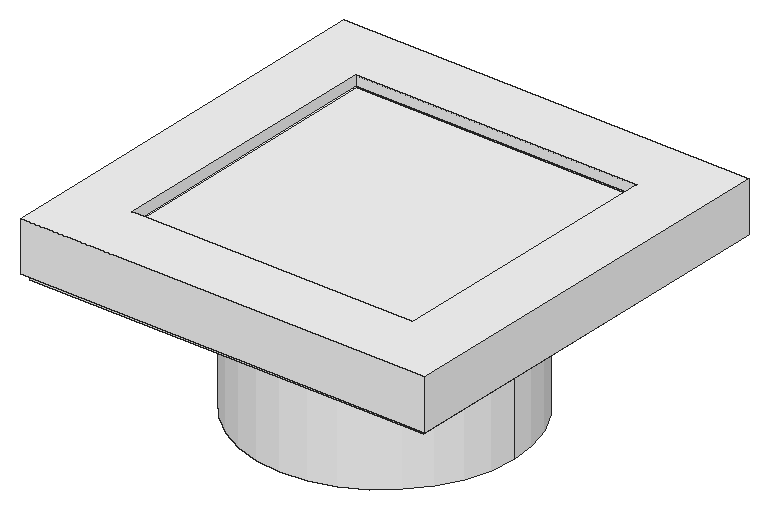
Revit family "Gira_012528", category Electrical Fixtures, host Face, Revit 2017
Family settings
  Host = Face
  Maintain Annotation Orientation = Yes
  Round Connector Dimension = Use Diameter
  Part Type = Normal
  Cut with Voids When Loaded = No
  Shared = No
  Room Calculation Point = No
Parameters (values of type "Tastschalter Serien System 55 Anthrazit")
  Zusammenstellung = "Basiselement mit zentraler Abdeckplatte"
  White [instance] = White
  Werkstoffgüte = "sonstige"
  Werkstoff = "sonstige"
  Waschmaschinenschalter = "No"
  URL = "http://katalog.gira.de/de_DE/datenblatt.html?artikelnr=012528"
  Textfeld/Beschriftungsfläche = "nein"
  Tastschalter = "Yes"
  Schaltungsart = "Serienschalter"
  Rückmeldekontakt = "No"
  Region = "DE"
  Oberfläche = "sonstige"
  Nennspannung = "250 Volt"
  Name = "Tastschalter Serien System 55 Anthrazit"
  Montageart = "unter Putz"
  Model = "Sys55_Komplettgerät_Schalten und Tasten"
  Mit Montageplatte = "No"
  Manufacturer URL = "https://www.gira.de/"
  HeinzeBIM = "https://bimportal.heinze.de/bim/tastschalter-serien-system-55-anthrazit/961e1e165e96f5ad4a8da619069860feac95c5b9"
  Halogenfrei = "No"
  HAN = "012528"
  Geeignet für Schutzart (IP) = "IP20"
  GTIN = "4010337125280"
  Farbe = "anthrazit"
  Default Elevation = 1219.2 mm
  Data sheet (1) = "https://katalog.gira.de/de_DE/download.html?artikelnr=012528"
  Category = "Installationsschalter"
  Bemessungsstrom = "10 Ampere"
  Beleuchtung = "nein"
  Befestigungsart = "Krallen-/Schraubbefestigung"
  Bedienungsart = "Wippe/Taste"
  Available = "Yes"
  Anzahl der Module (bei Modulbauweise) = "1 "
  Anzahl der Betätigungswippen = "2 "
  Anschlussart = "Steckklemme"
Reference planes
  plane 1 "Center (Front/Back)": y = 0
  plane 2: z = 0
  plane 3 "Center (Left/Right)": x = 0
Forms (mm)
  Extrusion 1, solid, material "White" <- "White", detail levels medium
    sketch origin (0, 0, 0) x (1, 0, 0) y (0, 1, 0)
      loop
        line (-40.4, 40.4) -> (-40.4, -40.4) -> (40.4, -40.4) -> (40.4, 40.4) -> (-40.4, 40.4)
      loop
        line (-28, 28) -> (-28, -28) -> (28, -28) -> (28, 28) -> (-28, 28)
    from 0 to 10
  Extrusion 2, solid, material "White" <- "White", detail levels fine
    sketch origin (0, 0, 0) x (1, 0, 0) y (0, 1, 0)
      loop
        line (-40.4, 40.4) -> (-40.4, -40.4) -> (40.4, -40.4) -> (40.4, 40.4) -> (-40.4, 40.4)
      loop
        line (-28, 28) -> (-28, -28) -> (28, -28) -> (28, 28) -> (-28, 28)
    from 0 to 10
  Extrusion 3, void
    sketch origin (0, 0, 0) x (1, 0, 0) y (0, 1, 0)
      loop
        line (-38.4, 38.4) -> (-38.4, -38.4) -> (38.4, -38.4) -> (38.4, 38.4) -> (-38.4, 38.4)
    from 0 to 8
  Extrusion 4, solid, material "White" <- "White", detail levels medium+fine
    sketch origin (0, 0, 0) x (1, 0, 0) y (0, 1, 0)
      loop
        line (-39.4, 39.4) -> (-39.4, -39.4) -> (39.4, -39.4) -> (39.4, 39.4) -> (-39.4, 39.4)
    from 0 to -1
  Extrusion 5, solid, material "White" <- "White", detail levels medium+fine
    sketch origin (0, 0, 0) x (1, 0, 0) y (0, 1, 0)
      loop
        line (-35.5, 35.5) -> (-35.5, -35.5) -> (35.5, -35.5) -> (35.5, 35.5) -> (-35.5, 35.5)
    from -2 to -3
  Extrusion 6, solid, material "White" <- "White", detail levels medium+fine
    sketch origin (0, 0, 0) x (1, 0, 0) y (0, 1, 0)
      loop
        circle (0, 0) r 26
    from 0 to -27.5
  Extrusion 7, solid, material "White" <- "White", detail levels coarse
    sketch origin (0, 0, 0) x (1, 0, 0) y (0, 1, 0)
      loop
        line (-40.4, 40.4) -> (-40.4, -40.4) -> (40.4, -40.4) -> (40.4, 40.4) -> (-40.4, 40.4)
    from -27.5 to 10
Cuts and joins
  Extrusion 3 cuts Extrusion 2
Dimensions and locks
  aligned and locked: plane 2 to host face
  aligned and locked: level to host face
  aligned and locked: plane 3 "Center (Left/Right)" to nested 2
  aligned and locked: plane 1 "Center (Front/Back)" to nested 2
Nested families
  nested 1: "Sys55_Abdeckung_Schalten und Tasten_floor_base" at (0, 0, 0), type "Sys55_Abdeckung_Schalten und Tasten_floor_base"
  nested 2: "Schalter" at (0, 0, 0), type "Schalter"
Connectors
  electrical at (0, 0, -27.5)
    settings: on Extrusion 6, index 1, voltage 220 V, apparent load 0 VA, apparent load phase1 0 VA, apparent load phase2 0 VA, apparent load phase3 0 VA, power factor 1, load classification "Other", number of poles 1, system type 30, power factor state 1, is connector primary yes, connector utility no, sub classification motor no, connector description ""
Definition of nested family "Sys55_Abdeckung_Schalten und Tasten_floor_base"
  Parameters
    Default Elevation = 1219.2 mm
    White [instance] = none
  Reference planes
    plane 1 "Center (Front/Back)": y = 0
    plane 2: z = 0
    plane 3 "Center (Left/Right)": x = 0
  Forms (mm)
    Extrusion 1, solid
      sketch origin (0, 0, 0) x (1, 0, 0) y (0, 1, 0)
        loop
          line (-1219.2, 1219.2) -> (-1219.2, -1219.2) -> (1219.2, -1219.2) -> (1219.2, 1219.2) -> (-1219.2, 1219.2)
      from 0 to -304.8
    Extrusion 2, solid, material <- "White", detail levels fine
      sketch origin (0, 0, 0) x (1, 0, 0) y (0, 1, 0)
        loop
          line (-27.5, 27.5) -> (-27.5, -27.5) -> (27.5, -27.5) -> (27.5, 27.5) -> (-27.5, 27.5)
      from 0 to 8
    Extrusion 3, void
      sketch origin (0, 0, 0) x (1, 0, 0) y (0, 1, 0)
        loop
          line (26, 26) -> (-26, 26) -> (-26, -26) -> (26, -26) -> (26, 26)
      from 0 to 6
    Extrusion 4, solid, material <- "White", detail levels medium
      sketch origin (0, 0, 0) x (1, 0, 0) y (0, 1, 0)
        loop
          line (-27.5, 27.5) -> (-27.5, -27.5) -> (27.5, -27.5) -> (27.5, 27.5) -> (-27.5, 27.5)
      from 0 to 8
    Extrusion 5, solid, material <- "White", detail levels medium
      sketch origin (0, 0, 0) x (1, 0, 0) y (0, 1, 0)
        loop
          line (11, -17.5) -> (11, 17.5) -> (-11, 17.5) -> (-11, -17.5) -> (11, -17.5)
      from -6 to 6
    Extrusion 6, solid, material <- "White", detail levels fine
      sketch origin (0, 0, 0) x (1, 0, 0) y (0, 1, 0)
        loop
          line (11, 17.5) -> (-11, 17.5) -> (-11, 16.5) -> (11, 16.5) -> (11, 17.5)
        loop
          line (-11, -16.5) -> (-11, -17.5) -> (11, -17.5) -> (11, -16.5) -> (-11, -16.5)
      from -4 to 6
    Extrusion 7, solid, material <- "White", detail levels fine
      sketch origin (0, 0, 0) x (1, 0, 0) y (0, 1, 0)
        loop
          arc (5, 9.347) -> (0, 10.6) -> (-5, 9.347) r 10.6
          line (-5, 9.347) -> (-5, -9.347)
          arc (-5, -9.347) -> (0, -10.6) -> (5, -9.347) r 10.6
          line (5, -9.347) -> (5, 9.347)
      from -6 to 6
    Extrusion 8, solid, material <- "White", detail levels coarse
      sketch origin (0, 0, 0) x (1, 0, 0) y (0, 1, 0)
        loop
          line (-27.5, 27.5) -> (-27.5, -27.5) -> (27.5, -27.5) -> (27.5, 27.5) -> (-27.5, 27.5)
      from -6 to 8
  Cuts and joins
    Extrusion 3 cuts Extrusion 2
  Dimensions and locks
    aligned and locked: plane 2 to Extrusion 1
    aligned and locked: level to Extrusion 1
Definition of nested family "Schalter"
  Reference planes
    plane 1: y = 0
    plane 2: x = 0
  Lines and regions (mm)
    detail lines
      curve 1: circle (1.375, 2.778, 0) r 0.8 normal (0, 0, 1)
      curve 2: line (1.021, 2.061, 0) -> (0, 0, 0)
      curve 3: line (0, 0, 0) -> (-0.538, 0.266, 0)
  Dimensions and locks
    curve 2 to curve 2 = 2.3 mm
    curve 3 to curve 2 = 0.6 mm
    radius of curve 1 = 0.8 mm
